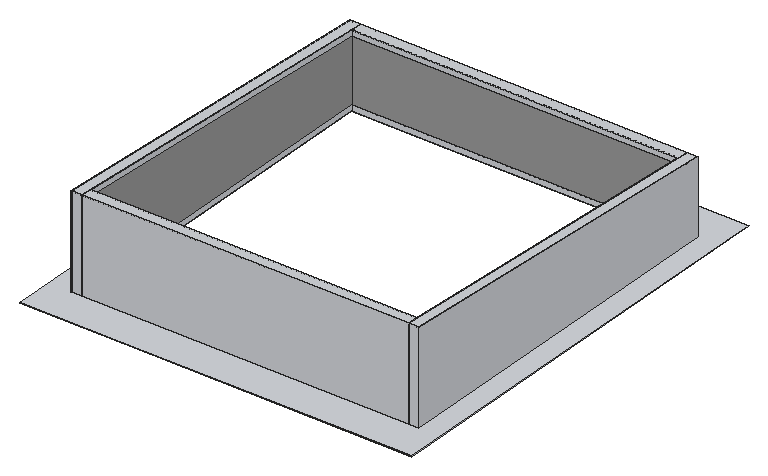
Revit family "UMB-7 (Curb)", category Mechanical Equipment, Revit 2015
Parameters
  URL = "https://unitedenertech.com/catalog/pdf/M_33%20UMB-7.pdf"
  Type Comments = "Consult Factory for Max. Sizes"
  Roof Slope (Degrees) = 3.00°
  Model = "UMB-7 (Curb)"
  Manufacturer = "United Enertech Corporation"
  Keynote = "Curb Ships with Loose Rib Closures"
  Height = 0' - 10"
  Description = "Metal Building Roof Curb"
  B Side O.D. = 4' - 0"
  A Side O.D. = 4' - 0"
Reference planes (in)
  plane 1 "Center (Front/Back)": y = 0
  plane 2: z = 0
  plane 3 "Center (Left/Right)": x = 0
  plane 4: y = -24
  plane 5: y = -48
  plane 6: y = -46.5
  plane 7: y = -1.5
  plane 8: y = -0.0478
  plane 9: y = -1.4522
  plane 10: y = -47.9522
  plane 11: y = -46.5478
  plane 12: y = -53
  plane 13: y = 5
  plane 14: x = -24
  plane 15: x = 24
  plane 16: x = -22.5
  plane 17: x = 22.5
  plane 18: x = -23.9522
  plane 19: x = -22.5478
  plane 20: x = 23.9522
  plane 21: x = 22.5478
  plane 22: x = -27
  plane 23: x = 27
  plane 24: z = 10
  plane 25: z = 4
  plane 26: z = 0.0478
  plane 27: z = 0.7978
  plane 28: z = 9.9522
  plane 29: z = 9.2022
Forms (in)
  Extrusion 1, solid
    sketch origin (0, 0, 0) x (0, 1, 0) y (0, 0, 1)
      loop
        line (5, 0.26204) -> (5, 0.30984) -> (-53, -2.72981) -> (-53, -2.77761) -> (5, 0.26204)
    from -27 to 27
  Extrusion 2, void
    sketch origin (0, 0, 0) x (1, 0, 0) y (0, 1, 0)
      loop
        line (-22.5, -46.5) -> (22.5, -46.5) -> (22.5, -1.5) -> (-22.5, -1.5) -> (-22.5, -46.5)
    from -4301.0808 to 6540.31748
  Extrusion 3, solid
    sketch origin (0, 0, 0) x (1, 0, 0) y (0, 1, 0)
      loop
        line (-24, -48) -> (24, -48) -> (24, 0) -> (-24, 0) -> (-24, -48)
      loop
        line (-22.5, -46.5) -> (22.5, -46.5) -> (22.5, -1.5) -> (-22.5, -1.5) -> (-22.5, -46.5)
    from 9.9522 to 10
  Extrusion 4, solid
    sketch origin (0, 0, 0) x (1, 0, 0) y (0, 1, 0)
      loop
        line (-22.5478, -46.5478) -> (22.5478, -46.5478) -> (22.5478, -1.4522) -> (-22.5478, -1.4522) -> (-22.5478, -46.5478)
      loop
        line (-22.5, -46.5) -> (22.5, -46.5) -> (22.5, -1.5) -> (-22.5, -1.5) -> (-22.5, -46.5)
    from 9.2022 to 9.9522
  Extrusion 5, solid
    sketch origin (0, 0, 0) x (0, 1, 0) y (0, 0, 1)
      loop
        line (-1.4522, -0.02831) -> (-1.4522, 0.72169) -> (-1.5, 0.71919) -> (-1.5, -0.03081) -> (-1.4522, -0.02831)
    from -22.5 to 22.5
  Extrusion 6, solid
    sketch origin (0, 0, 0) x (0, 1, 0) y (0, 0, 1)
      loop
        line (-46.5, -1.63916) -> (-46.5478, -1.64167) -> (-46.5478, -2.39167) -> (-46.5, -2.38916) -> (-46.5, -1.63916)
    from -22.5 to 22.5
  Extrusion 7, solid
    sketch origin (0, 0, 0) x (0, 1, 0) y (0, 0, 1)
      loop
        line (-1.4522, 0.72169) -> (-46.5478, -1.64167) -> (-46.5478, -2.39167) -> (-1.4522, -0.02831) -> (-1.4522, 0.72169)
    from -22.5478 to -22.5
  Extrusion 8, solid
    sketch origin (0, 0, 0) x (0, 1, 0) y (0, 0, 1)
      loop
        line (-1.4522, 0.72169) -> (-46.5478, -1.64167) -> (-46.5478, -2.39167) -> (-1.4522, -0.02831) -> (-1.4522, 0.72169)
    from 22.5478 to 22.5
  Extrusion 9, solid
    sketch origin (0, 0, 0) x (0, 1, 0) y (0, 0, 1)
      loop
        line (0, 0.0478) -> (0, 9.9522) -> (-0.0478, 9.9522) -> (-0.0478, 0.04529) -> (0, 0.0478)
    from -23.9522 to 23.9522
  Extrusion 10, solid
    sketch origin (0, 0, 0) x (0, 1, 0) y (0, 0, 1)
      loop
        line (-47.9522, 9.9522) -> (-48, 9.9522) -> (-48, -2.46777) -> (-47.9522, -2.46527) -> (-47.9522, 9.9522)
    from -23.9522 to 23.9522
  Extrusion 11, solid, material "Rigid insulation"
    sketch origin (0, 0, 0) x (0, 1, 0) y (0, 0, 1)
      loop
        line (-0.0478, 9.9522) -> (-1.4522, 9.9522) -> (-1.4522, -0.02831) -> (-0.0478, 0.04529) -> (-0.0478, 9.9522)
    from -22.5478 to 22.5478
  Extrusion 12, solid, material "Rigid insulation"
    sketch origin (0, 0, 0) x (0, 1, 0) y (0, 0, 1)
      loop
        line (-46.5478, -2.39167) -> (-46.5478, 9.9522) -> (-47.9522, 9.9522) -> (-47.9522, -2.46527) -> (-46.5478, -2.39167)
    from -22.5478 to 22.5478
  Extrusion 13, solid
    sketch origin (0, 0, 0) x (0, 1, 0) y (0, 0, 1)
      loop
        line (0, 9.9522) -> (-48, 9.9522) -> (-48, -2.46777) -> (0, 0.0478) -> (0, 9.9522)
    from 24 to 23.9522
  Extrusion 14, solid, material "Rigid insulation"
    sketch origin (0, 0, 0) x (0, 1, 0) y (0, 0, 1)
      loop
        line (-0.0478, 9.9522) -> (-47.9522, 9.9522) -> (-47.9522, -2.46527) -> (-0.0478, 0.04529) -> (-0.0478, 9.9522)
    from 23.9522 to 22.5478
  Extrusion 15, solid, material "Rigid insulation"
    sketch origin (0, 0, 0) x (0, 1, 0) y (0, 0, 1)
      loop
        line (-0.0478, 0.04529) -> (-0.0478, 9.9522) -> (-47.9522, 9.9522) -> (-47.9522, -2.46527) -> (-0.0478, 0.04529)
    from -23.9522 to -22.5478
  Extrusion 16, solid
    sketch origin (0, 0, 0) x (0, 1, 0) y (0, 0, 1)
      loop
        line (0, 9.9522) -> (-48, 9.9522) -> (-48, -2.46777) -> (0, 0.0478) -> (0, 9.9522)
    from -24 to -23.9522
Cuts and joins
  Extrusion 2 cuts Extrusion 1
Lines and regions (in)
  reference lines
    curve 1: line (0, 0, 0) -> (0, -128.82321, -6.75134)
    curve 2: line (0, 0, 0.0478) -> (0, -117.83829, -6.12784)
    curve 3: line (0, 0, 0.7978) -> (0, -117.08931, -5.33859)
Dimensions and locks (in)
  equal spacing: plane 1 "Center (Front/Back)", plane 4, plane 5
  "B Side O.D.": plane 1 "Center (Front/Back)" to plane 5
  locked: plane 1 "Center (Front/Back)" to plane 7 at 1.5
  locked: plane 5 to plane 6 at 1.5
  locked: plane 1 "Center (Front/Back)" to plane 8 at 0.0478
  locked: plane 9 to plane 7 at 0.0478
  locked: plane 6 to plane 11 at 0.0478
  locked: plane 10 to plane 5 at 0.0478
  locked: plane 5 to plane 12 at 5
  locked: plane 1 "Center (Front/Back)" to plane 13 at 5
  equal spacing: plane 14, plane 3 "Center (Left/Right)", plane 15
  "A Side O.D.": plane 14 to plane 15
  locked: plane 14 to plane 16 at 1.5
  locked: plane 17 to plane 15 at 1.5
  locked: plane 14 to plane 18 at 0.0478
  locked: plane 19 to plane 16 at 0.0478
  locked: plane 17 to plane 21 at 0.0478
  locked: plane 20 to plane 15 at 0.0478
  locked: plane 22 to plane 14 at 3
  locked: plane 15 to plane 23 at 3
  locked: plane 25 to level at 4
  "Height": plane 24 to level
  locked: plane 26 to level at 0.0478
  locked: plane 27 to plane 26 at 0.75
  locked: plane 24 to plane 28 at 0.0478
  locked: plane 28 to plane 29 at 0.75
  "Roof Slope (Degrees)": angle curve 1 to level
  "Roof Slope (Degrees)": angle curve 2 to plane 26
  "Roof Slope (Degrees)": angle curve 3 to plane 27
  aligned and locked: level to plane 2
  aligned and locked: plane 1 "Center (Front/Back)" to curve 1
  aligned and locked: level to curve 1
  aligned and locked: plane 1 "Center (Front/Back)" to curve 2
  aligned and locked: plane 1 "Center (Front/Back)" to curve 3
  aligned and locked: plane 27 to curve 3
  aligned and locked: plane 26 to curve 2
  aligned and locked: Extrusion 1 sketch curve to plane 12
  aligned and locked: Extrusion 1 sketch curve to curve 1
  aligned and locked: Extrusion 1 sketch curve to curve 2
  aligned and locked: Extrusion 1 to plane 22
  aligned and locked: Extrusion 1 to plane 23
  aligned and locked: Extrusion 2 sketch curve to plane 16
  aligned and locked: plane 7 to Extrusion 2 sketch curve
  aligned and locked: Extrusion 2 sketch curve to plane 17
  aligned and locked: plane 6 to Extrusion 2 sketch curve
  aligned and locked: Extrusion 3 sketch curve to plane 14
  aligned and locked: Extrusion 3 sketch curve to plane 1 "Center (Front/Back)"
  aligned and locked: Extrusion 3 sketch curve to plane 15
  aligned and locked: Extrusion 3 sketch curve to plane 5
  aligned and locked: plane 6 to Extrusion 3 sketch curve
  aligned and locked: Extrusion 3 sketch curve to plane 16
  aligned and locked: Extrusion 3 sketch curve to plane 17
  aligned and locked: plane 7 to Extrusion 3 sketch curve
  aligned and locked: plane 24 to Extrusion 3
  aligned and locked: Extrusion 3 to plane 28
  aligned and locked: plane 19 to Extrusion 4 sketch curve
  aligned and locked: Extrusion 4 sketch curve to plane 9
  aligned and locked: plane 21 to Extrusion 4 sketch curve
  aligned and locked: Extrusion 4 sketch curve to plane 11
  aligned and locked: plane 6 to Extrusion 4 sketch curve
  aligned and locked: Extrusion 4 sketch curve to plane 17
  aligned and locked: Extrusion 4 sketch curve to plane 16
  aligned and locked: plane 7 to Extrusion 4 sketch curve
  aligned and locked: plane 28 to Extrusion 4
  aligned and locked: Extrusion 4 to plane 29
  aligned and locked: curve 3 to Extrusion 5 sketch curve
  aligned and locked: cut or joined group of Extrusion 1, Extrusion 2 to Extrusion 5 sketch curve
  aligned and locked: plane 9 to Extrusion 5 sketch curve
  aligned and locked: plane 7 to Extrusion 5 sketch curve
  aligned and locked: Extrusion 5 to plane 16
  aligned and locked: Extrusion 5 to plane 17
  aligned and locked: curve 3 to Extrusion 6 sketch curve
  aligned and locked: cut or joined group of Extrusion 1, Extrusion 2 to Extrusion 6 sketch curve
  aligned and locked: plane 11 to Extrusion 6 sketch curve
  aligned and locked: plane 6 to Extrusion 6 sketch curve
  aligned and locked: Extrusion 6 to plane 17
  aligned and locked: Extrusion 6 to plane 16
  aligned and locked: Extrusion 7 sketch curve to plane 9
  aligned and locked: Extrusion 7 sketch curve to curve 3
  aligned and locked: Extrusion 7 sketch curve to cut or joined group of Extrusion 1, Extrusion 2
  aligned and locked: plane 19 to Extrusion 7
  aligned and locked: plane 16 to Extrusion 7
  aligned and locked: Extrusion 7 sketch curve to plane 11
  aligned and locked: Extrusion 8 sketch curve to plane 9
  aligned and locked: Extrusion 8 sketch curve to curve 3
  aligned and locked: curve 2 to Extrusion 8 sketch curve
  aligned and locked: Extrusion 8 sketch curve to plane 11
  aligned and locked: plane 21 to Extrusion 8
  aligned and locked: plane 17 to Extrusion 8
  aligned and locked: Extrusion 9 sketch curve to plane 28
  aligned and locked: plane 1 "Center (Front/Back)" to Extrusion 9 sketch curve
  aligned and locked: Extrusion 9 sketch curve to curve 2
  aligned and locked: plane 8 to Extrusion 9 sketch curve
  aligned and locked: Extrusion 9 to plane 18
  aligned and locked: Extrusion 9 to plane 20
  aligned and locked: plane 28 to Extrusion 10 sketch curve
  aligned and locked: Extrusion 10 sketch curve to plane 5
  aligned and locked: Extrusion 10 sketch curve to cut or joined group of Extrusion 1, Extrusion 2
  aligned and locked: Extrusion 10 sketch curve to plane 10
  aligned and locked: Extrusion 10 to plane 20
  aligned and locked: Extrusion 10 to plane 18
  aligned and locked: plane 28 to Extrusion 11 sketch curve
  aligned and locked: plane 8 to Extrusion 11 sketch curve
  aligned and locked: plane 9 to Extrusion 11 sketch curve
  aligned and locked: Extrusion 11 sketch curve to cut or joined group of Extrusion 1, Extrusion 2
  aligned and locked: plane 19 to Extrusion 11
  aligned and locked: plane 21 to Extrusion 11
  aligned and locked: Extrusion 12 sketch curve to plane 28
  aligned and locked: Extrusion 12 sketch curve to plane 10
  aligned and locked: Extrusion 12 sketch curve to plane 11
  aligned and locked: cut or joined group of Extrusion 1, Extrusion 2 to Extrusion 12 sketch curve
  aligned and locked: plane 19 to Extrusion 12
  aligned and locked: plane 21 to Extrusion 12
  aligned and locked: plane 28 to Extrusion 13 sketch curve
  aligned and locked: Extrusion 13 sketch curve to plane 1 "Center (Front/Back)"
  aligned and locked: Extrusion 13 sketch curve to plane 5
  aligned and locked: Extrusion 13 sketch curve to cut or joined group of Extrusion 1, Extrusion 2
  aligned and locked: Extrusion 13 to plane 15
  aligned and locked: plane 20 to Extrusion 13
  aligned and locked: plane 28 to Extrusion 14 sketch curve
  aligned and locked: plane 8 to Extrusion 14 sketch curve
  aligned and locked: plane 10 to Extrusion 14 sketch curve
  aligned and locked: Extrusion 14 sketch curve to cut or joined group of Extrusion 1, Extrusion 2
  aligned and locked: Extrusion 14 to plane 20
  aligned and locked: Extrusion 14 to plane 21
  aligned and locked: Extrusion 15 sketch curve to plane 28
  aligned and locked: Extrusion 15 sketch curve to plane 8
  aligned and locked: Extrusion 15 sketch curve to plane 10
  aligned and locked: cut or joined group of Extrusion 1, Extrusion 2 to Extrusion 15 sketch curve
  aligned and locked: Extrusion 15 to plane 18
  aligned and locked: Extrusion 15 to plane 19
  aligned and locked: plane 28 to Extrusion 16 sketch curve
  aligned and locked: Extrusion 16 sketch curve to plane 1 "Center (Front/Back)"
  aligned and locked: Extrusion 16 sketch curve to plane 5
  aligned and locked: Extrusion 16 sketch curve to cut or joined group of Extrusion 1, Extrusion 2
  aligned and locked: plane 18 to Extrusion 16
  aligned and locked: Extrusion 16 to plane 14
  aligned and locked: plane 13 to Extrusion 1 sketch curve
